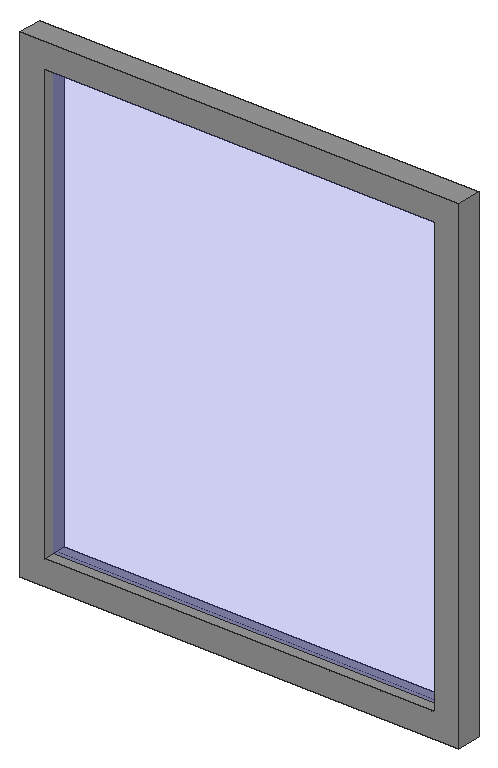
Revit family "Nested panel", category Windows, Revit 2020
Family settings
  Work Plane-Based = Yes
  Always vertical = Yes
  Cut with Voids When Loaded = No
  Shared = No
  Room Calculation Point = No
Parameters (values of type "Awning")
  Width [instance] = 900 mm
  Subframe width = 50 mm
  Subframe depth = 50 mm
  Height [instance] = 1000 mm
  Has subframe = not(Fixed panel)  # yes
  Glazing = Glass
  Glass thickness = 10 mm
  Frame = Aluminum
  Fixed panel = no
  Default Elevation = 1219.2 mm
  Casement right = no
  Casement left = no
  Awning swing = yes
Types (5, lengths in mm): name | Has subframe | Fixed panel | Casement right | Casement left | Awning swing
  (no name) | yes | no | no | no | yes
  Fixed panel | no | yes | no | no | no
  Casement left | yes | no | no | yes | no
  Casement right | yes | no | yes | no | no
  Awning | yes | no | no | no | yes
Reference planes
  plane 1 "Front": y = 0
  plane 2 "Bottom": z = 0
  plane 3 "Left": x = 0
  plane 4 "Right": x = 900
  plane 5 "Top": z = 1000
  plane 6 "Center L/S": x = 850
  plane 7 "Center L/T": x = 50
  plane 8 "Center L/U": z = 950
  plane 9 "Center L/V": z = 50
  plane 10: y = -50
  plane 11: y = -25
  plane 12: y = -20
  plane 13: y = -30
  plane 14: z = 500
  plane 15: x = 450
Forms (mm)
  Extrusion 1, solid, material "Aluminum" <- "Frame", visible <- "Has subframe"
    sketch origin (0, 0, 0) x (1, 0, 0) y (0, 0, 1)
      loop
        line (0, 1000) -> (0, 0) -> (900, 0) -> (900, 1000) -> (0, 1000)
      loop
        line (50, 950) -> (50, 50) -> (850, 50) -> (850, 950) -> (50, 950)
    from 0 to 50
  Extrusion 2, solid, material "Glass" <- "Glazing", visible <- "Has subframe"
    sketch origin (0, 0, 0) x (1, 0, 0) y (0, 0, 1)
      loop
        line (50, 950) -> (50, 50) -> (850, 50) -> (850, 950) -> (50, 950)
    from 20 to 30
  Extrusion 3, solid, material "Glass" <- "Glazing", visible <- "Fixed panel"
    sketch origin (0, 0, 0) x (1, 0, 0) y (0, 0, 1)
      loop
        line (0, 1000) -> (0, 0) -> (900, 0) -> (900, 1000) -> (0, 1000)
    from 20 to 30
Lines and regions (mm)
  symbolic lines, style "Elevation Swing", visible <- "Casement left"
    curve 1: line (0, 0, 1000) -> (900, 0, 500)
    curve 2: line (900, 0, 500) -> (0, 0, 0)
  symbolic lines, style "Elevation Swing", visible <- "Casement right"
    curve 3: line (900, 0, 0) -> (0, 0, 500)
    curve 4: line (0, 0, 500) -> (900, 0, 1000)
  symbolic lines, style "Elevation Swing", visible <- "Awning swing"
    curve 5: line (0, 0, 1000) -> (450, 0, 0)
    curve 6: line (450, 0, 0) -> (900, 0, 1000)
Dimensions and locks
  "Height": plane 5 "Top" to plane 2 "Bottom"
  "Subframe width": plane 5 "Top" to plane 8 "Center L/U"
  "Subframe width": plane 9 "Center L/V" to plane 2 "Bottom"
  "Subframe width": plane 3 "Left" to plane 7 "Center L/T"
  "Subframe width": plane 6 "Center L/S" to plane 4 "Right"
  "Width": plane 3 "Left" to plane 4 "Right"
  "Subframe depth": plane 1 "Front" to plane 10
  equal spacing: plane 1 "Front", plane 11, plane 10
  equal spacing: plane 12, plane 11, plane 13
  "Glass thickness": plane 12 to plane 13
  equal spacing: plane 5 "Top", plane 14, level
  equal spacing: plane 3 "Left", plane 15, plane 4 "Right"
  aligned and locked: level to plane 2 "Bottom"
  aligned and locked: plane 8 "Center L/U" to Extrusion 1 sketch curve
  aligned and locked: Extrusion 1 sketch curve to plane 7 "Center L/T"
  aligned and locked: Extrusion 1 sketch curve to plane 9 "Center L/V"
  aligned and locked: plane 6 "Center L/S" to Extrusion 1 sketch curve
  aligned and locked: plane 4 "Right" to Extrusion 1 sketch curve
  aligned and locked: plane 5 "Top" to Extrusion 1 sketch curve
  aligned and locked: plane 3 "Left" to Extrusion 1 sketch curve
  aligned and locked: level to Extrusion 1 sketch curve
  aligned and locked: Extrusion 1 to plane 10
  aligned and locked: Extrusion 2 sketch curve to plane 7 "Center L/T"
  aligned and locked: plane 8 "Center L/U" to Extrusion 2 sketch curve
  aligned and locked: plane 6 "Center L/S" to Extrusion 2 sketch curve
  aligned and locked: Extrusion 2 sketch curve to plane 9 "Center L/V"
  aligned and locked: Extrusion 2 to plane 12
  aligned and locked: plane 13 to Extrusion 2
  aligned and locked: plane 2 "Bottom" to Extrusion 3 sketch curve
  aligned and locked: plane 3 "Left" to Extrusion 3 sketch curve
  aligned and locked: plane 4 "Right" to Extrusion 3 sketch curve
  aligned and locked: plane 5 "Top" to Extrusion 3 sketch curve
  aligned and locked: Extrusion 3 to plane 12
  aligned and locked: plane 13 to Extrusion 3
Automatic sketch dimensions
  curve 1 to plane 3 "Left" = 0 mm
  curve 4 to plane 3 "Left" = 0 mm
  curve 2 to level = 0 mm
  curve 2 to plane 3 "Left" = 0 mm
  plane 15 to curve 5 = 0 mm
  curve 6 to level = 0 mm
  plane 4 "Right" to curve 1 = 0 mm
  plane 4 "Right" to curve 6 = 0 mm
  curve 3 to level = 0 mm
  plane 4 "Right" to curve 3 = 0 mm
  curve 3 to plane 14 = 0 mm
  curve 2 to plane 14 = 0 mm
  curve 1 to plane 5 "Top" = 0 mm
  curve 4 to plane 5 "Top" = 0 mm
